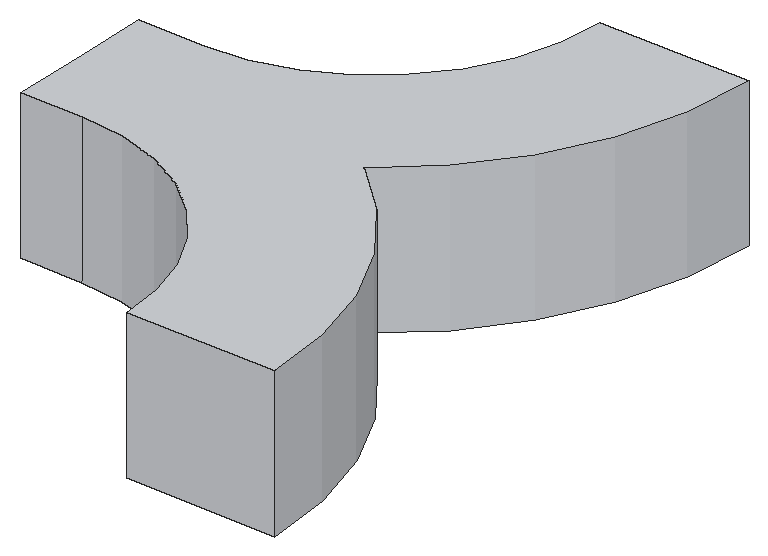
Revit family "effc725d91b446b8be64e7c3a8789b41", category Duct Fittings, Revit 2021
Family settings
  Round Connector Dimension = Use Diameter
  Part Type = Wye
  OmniClass Number = 23.75.70.14
  OmniClass Title = Air Ductwork
  Seek Item ID = Rectangular Wye - Dovetail-0000-USA-ENU
  Work Plane-Based = No
  Always vertical = Yes
  Cut with Voids When Loaded = No
  Shared = No
Parameters (values of type "Standard")
  Radius 2 [instance] = Duct Width 3 * 2  # 24"
  Radius 1 [instance] = Duct Width 2 * 2  # 24"
  Duct Width 3 [instance] = 12"
  Duct Width 2 [instance] = 12"
  Duct Width 1 [instance] = 12"
  Duct Length 6 [instance] = if(Duct Length 1 > Duct Length 2, 10' 0" - Duct Length 2, 10' 0" - Duct Length 1) + 0' 0 1/8"  # 96 1/8"
  Duct Length 5 [instance] = sqrt(abs((Radius 2 - Duct Width 3 / 2) ^ 2 - (Radius 2 - Duct Width 1 / 2) ^ 2))  # 0"
  Duct Length 4 [instance] = sqrt(abs((Radius 1 - Duct Width 2 / 2) ^ 2 - (Radius 1 - Duct Width 1 / 2) ^ 2))  # 0"
  Duct Length 3 [instance] = if(Duct Length 1 > Duct Length 2, Duct Length 1 + 0' 5", Duct Length 2 + 0' 5")  # 29"
  Duct Length 2 [instance] = Radius 2 * tan(Angle 3 / 2)  # 24"
  Duct Length 1 [instance] = Radius 1 * tan(Angle 2 / 2)  # 24"
  Duct Height [instance] = 12"
  Default Elevation = 0' - 0"
  Angle 3 [instance] = 90.00°
  Angle 2 [instance] = 90.00°
Reference planes (in)
  plane 1 "Center (Front/Back)": y = 0
  plane 2: z = 0
  plane 3 "Center (Left/Right)": x = 0
  plane 4: x = -24
  plane 5: y = 24
  plane 6: x = -24
  plane 7: y = -24
  plane 8: x = -29
  plane 9: x = -24
  plane 10: x = -24
  plane 11: y = 6
  plane 12: y = -6
  plane 13: z = 6
  plane 14: z = -6
  plane 15: y = 6
  plane 16: y = -6
  plane 17: z = 6
  plane 18: z = -6
  plane 19: y = 6
  plane 20: y = -6
  plane 21: z = 6
  plane 22: z = -6
  plane 23: x = -120
  plane 24: x = -23.875
Forms (in)
  Extrusion 1, solid, detail levels medium+fine
    sketch origin (0, 0, 0) x (1, 0, 0) y (0, 1, 0)
      loop
        line (-29, 6) -> (-29, 0) -> (-24, 0) -> (-24, 6) -> (-29, 6)
    from -6 to 6
  Extrusion 2, solid, detail levels medium+fine
    sketch origin (0, 0, 0) x (1, 0, 0) y (0, 1, 0)
      loop
        line (-29, 6) -> (-29, 0) -> (-24, 0) -> (-24, 6) -> (-29, 6)
    from -6 to 6
  Extrusion 3, solid, detail levels medium+fine
    sketch origin (0, 0, 0) x (1, 0, 0) y (0, 1, 0)
      loop
        line (-29, 0) -> (-29, -6) -> (-24, -6) -> (-24, 0) -> (-29, 0)
    from -6 to 6
  Extrusion 4, solid, detail levels medium+fine
    sketch origin (0, 0, 0) x (1, 0, 0) y (0, 1, 0)
      loop
        line (-29, 0) -> (-29, -6) -> (-24, -6) -> (-24, 0) -> (-29, 0)
    from -6 to 6
  Sweep 5, solid, detail levels medium+fine
    path in 3D
      loop
        arc (-24, 0, 0) -> (-7.02944, 7.02944, 0) -> (0, 24, 0) r 24
    profile "Rectangular Duct Profile : Duct - Rectangular 2" origin (-7.02944, 7.02944, 0) x (-0.707107, 0.707107, 0) y (0, 0, 1)
      loop
        line (-6, 6) -> (-6, -6) -> (6, -6) -> (6, 6) -> (-6, 6)
  Sweep 6, solid, detail levels medium+fine
    path in 3D
      loop
        arc (-24, 0, 0) -> (-7.02944, 7.02944, 0) -> (0, 24, 0) r 24
    profile "Rectangular Duct Profile : Duct - Rectangular 2" origin (-7.02944, 7.02944, 0) x (-0.707107, 0.707107, 0) y (0, 0, 1)
      loop
        line (-6, 6) -> (-6, -6) -> (6, -6) -> (6, 6) -> (-6, 6)
  Sweep 7, solid, detail levels medium+fine
    path in 3D
      loop
        arc (-24, 0, 0) -> (-7.02944, -7.02944, 0) -> (0, -24, 0) r 24
    profile "Rectangular Duct Profile : Duct - Rectangular 3" origin (-7.02944, -7.02944, 0) x (0.707107, 0.707107, 0) y (0, 0, 1)
      loop
        line (-6, 6) -> (-6, -6) -> (6, -6) -> (6, 6) -> (-6, 6)
Cuts and joins
  joined: Extrusion 1, Extrusion 2, Extrusion 3, Extrusion 4, Sweep 5, Sweep 6, Sweep 7
Lines and regions (in)
  reference lines
    curve 1: arc (-24, 0, 0) -> (-7.02944, 7.02944, 0) -> (0, 24, 0) r 24
    curve 3: arc (-24, 0, 0) -> (-7.02944, -7.02944, 0) -> (0, -24, 0) r 24
  sketch lines
    curve 2: arc (-24, 0, 0) -> (-7.02944, 7.02944, 0) -> (0, 24, 0) r 24
    curve 4: arc (-24, 0, 0) -> (-7.02944, 7.02944, 0) -> (0, 24, 0) r 24
    curve 5: arc (-24, 0, 0) -> (-7.02944, -7.02944, 0) -> (0, -24, 0) r 24
  model lines, detail levels coarse
    curve 6: arc (-24, 0, 0) -> (-7.02944, 7.02944, 0) -> (0, 24, 0) r 24
    curve 7: arc (-24, 0, 0) -> (-7.02944, -7.02944, 0) -> (0, -24, 0) r 24
    curve 8: line (-29, 0, 0) -> (-24, 0, 0)
Dimensions and locks (in)
  "Radius 1": plane 1 "Center (Front/Back)" to plane 5
  "Duct Length 1": plane 4 to plane 3 "Center (Left/Right)"
  "Radius 2": plane 1 "Center (Front/Back)" to plane 7
  "Duct Length 2": plane 6 to plane 3 "Center (Left/Right)"
  "Duct Length 3": plane 8 to plane 3 "Center (Left/Right)"
  "Duct Length 4": plane 4 to plane 9
  "Duct Length 5": plane 6 to plane 10
  equal spacing: plane 11, plane 1 "Center (Front/Back)", plane 12
  "Duct Width 1": plane 11 to plane 12
  equal spacing: plane 13, plane 2, plane 14
  "Duct Height": plane 13 to plane 14
  equal spacing: plane 15, plane 1 "Center (Front/Back)", plane 16
  equal spacing: plane 17, plane 2, plane 18
  equal spacing: plane 19, plane 1 "Center (Front/Back)", plane 20
  equal spacing: plane 21, plane 2, plane 22
  locked: plane 23 to plane 3 "Center (Left/Right)" at 120
  "Duct Length 6": plane 23 to plane 24
  "Radius 1": radius of curve 1
  "Radius 2": radius of curve 3
  "Radius 1": radius of curve 6
  "Radius 2": radius of curve 7
  "Angle 2": angle curve 1 to curve 1
  "Angle 3": angle curve 3 to curve 3
  "Angle 2": angle curve 6 to curve 6
  "Angle 3": angle curve 7 to curve 7
  aligned and locked: Extrusion 1 sketch curve to plane 9
  aligned and locked: Extrusion 1 sketch curve to plane 11
  aligned and locked: plane 8 to Extrusion 1 sketch curve
  aligned and locked: Extrusion 1 sketch curve to plane 1 "Center (Front/Back)"
  aligned and locked: Extrusion 2 sketch curve to plane 11
  aligned and locked: plane 8 to Extrusion 2 sketch curve
  aligned and locked: Extrusion 2 sketch curve to plane 1 "Center (Front/Back)"
  aligned and locked: Extrusion 2 sketch curve to plane 6
  aligned and locked: Extrusion 2 to plane 14
  aligned and locked: plane 13 to Extrusion 2
  aligned and locked: Extrusion 1 to plane 14
  aligned and locked: plane 13 to Extrusion 1
  aligned and locked: Extrusion 3 sketch curve to plane 4
  aligned and locked: plane 1 "Center (Front/Back)" to Extrusion 3 sketch curve
  aligned and locked: plane 8 to Extrusion 3 sketch curve
  aligned and locked: plane 12 to Extrusion 3 sketch curve
  aligned and locked: Extrusion 4 sketch curve to plane 10
  aligned and locked: plane 1 "Center (Front/Back)" to Extrusion 4 sketch curve
  aligned and locked: plane 8 to Extrusion 4 sketch curve
  aligned and locked: plane 12 to Extrusion 4 sketch curve
  aligned and locked: Extrusion 4 to plane 14
  aligned and locked: plane 13 to Extrusion 4
  aligned and locked: Extrusion 3 to plane 14
  aligned and locked: plane 13 to Extrusion 3
  aligned and locked: plane 5 to curve 1
  aligned and locked: plane 4 to curve 1
  aligned and locked: plane 6 to curve 3  (x2)
  aligned and locked: plane 7 to curve 3
  aligned and locked: plane 4 to curve 6  (x2)
  aligned and locked: plane 6 to curve 7  (x2)
  aligned and locked: plane 7 to curve 7
  aligned and locked: plane 8 to curve 8
  aligned and locked: plane 1 "Center (Front/Back)" to curve 8
Automatic sketch dimensions
  plane 1 "Center (Front/Back)" to curve 6 = 0' - 0"
Connectors (in)
  hvac at (-29, 0, 0), driven by "Duct Height", driven by "Duct Width 1"
    settings: on cut or joined group of Extrusion 1, Extrusion 2, Extrusion 3, Extrusion 4, Sweep 5, Sweep 6, Sweep 7, index 1, duct flow 0 CFM, flow factor 0, pres drop 0.00 in-wg, loss coef 0, conn angle 0.00°, conn width 12", conn height 12", conn diameter 24", duct sys type 28, conn prof type 1, flow config 0, flow direction 0, loss method 0, conn ref index -1, conn util no, is conn primary yes, conn desc ""
  hvac at (0, 24, 0), driven by "Angle 2", driven by "Duct Height", driven by "Duct Width 2"
    settings: on cut or joined group of Extrusion 1, Extrusion 2, Extrusion 3, Extrusion 4, Sweep 5, Sweep 6, Sweep 7, index 2, duct flow 0 CFM, flow factor 0, pres drop 0.00 in-wg, loss coef 0, conn angle 90.00°, conn width 12", conn height 12", conn diameter 24", duct sys type 28, conn prof type 1, flow config 0, flow direction 0, loss method 0, conn ref index -1, conn util no, is conn primary no, conn desc ""
  hvac at (0, -24, 0), driven by "Angle 3", driven by "Duct Height", driven by "Duct Width 3"
    settings: on cut or joined group of Extrusion 1, Extrusion 2, Extrusion 3, Extrusion 4, Sweep 5, Sweep 6, Sweep 7, index 3, duct flow 0 CFM, flow factor 0, pres drop 0.00 in-wg, loss coef 0, conn angle 90.00°, conn width 12", conn height 12", conn diameter 24", duct sys type 28, conn prof type 1, flow config 0, flow direction 0, loss method 0, conn ref index -1, conn util no, is conn primary no, conn desc ""
